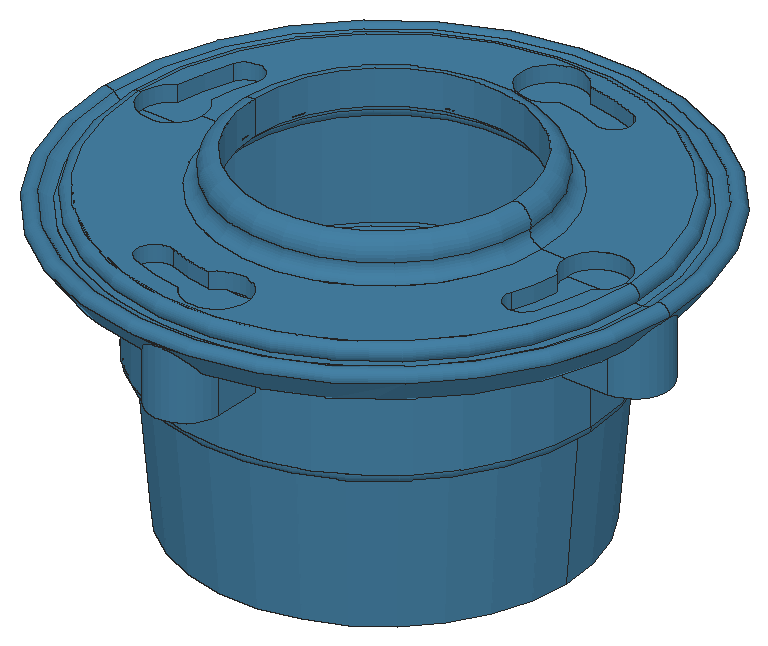
Revit family "Drain_Floor_Ligature_Resistant-Zurn-Z415LR", category Plumbing Fixtures, Revit 2022
Family settings
  Round Connector Dimension = Use Diameter
  Part Type = Normal
  OmniClass Number = 23.70.50.21.24.14
  OmniClass Title = Deck Waste Water Drains
  Work Plane-Based = No
  Always vertical = Yes
  Cut with Voids When Loaded = No
  Maintain Annotation Orientation = No
  Shared = No
  Room Calculation Point = No
Parameters (values of type "Default - please load Revit Family Type Catalog")
  z_radius_B [instance] = [z_(B) Diameter real] / 2  # 2.590"
  z_Strainer_Diameter = if([Strainer Diameter (B)] = 5.000", 5.000", 6.060")  # 5.000"
  z_Strainer Radius = z_Strainer_Diameter / 2  # 2.500"
  z_Slope Height = if([Strainer Diameter (B)] = 5.000", 0.310", if([Strainer Diameter (B)] = 6.000", 0.620", if([Strainer Diameter (B)] = 7.000", 0.880", 1.130")))  # 0.310"
  z_Radius Gird [instance] = ([z_(B) Diameter real] / 2) - 0.07874" * 3.8  # 2.29079"
  z_Outlet Size [instance] = if([Outlet Size (A)] < 5.000", [Outlet Size (A)], 3.000")  # 2.000"
  z_Number [instance] = if([Outlet Size (A)] < 6.000", 6, 8)  # 6
  z_Long Head [instance] = if([Strainer Diameter (B)] = 6.000", 2.280", if([Strainer Diameter (B)] = 5.000", 2.000", 2.630"))  # 2.000"
  z_Distance_Screw [instance] = if([Outlet Size (A)] < 6.000", 6.800", 8.800")  # 6.800"
  z_6 [instance] = [Outlet Size (A)] > 5.000"  # no
  z_2_3_4 [instance] = [Outlet Size (A)] < 5.000"  # yes
  z_1/2 Diameter B [instance] = [Strainer Diameter (B)] / 2  # 2.500"
  z_(B) Diameter real [instance] = if([Strainer Diameter (B)] = 5.000", 5.180", 6.380")  # 5.180"
  Weight = if([Strainer Diameter (B)] = 5.000", 11.00 lbf, 13.00 lbf)  # 11.00 lbf
  Waste Connection = yes
  WFU = 0
  Vent Connection = yes
  URL = "www.zurn.com"
  Type Comments = "Z415-2IC-5LR"
  Threaded = no
  Strainer Position (K') - Input [instance] = 1.100"
  Strainer Position (K') [instance] = if([Strainer Position (K') - Input] < Min. Strainer Position, Min. Strainer Position, if([Strainer Position (K') - Input] > Max. Strainer Position, Max. Strainer Position, [Strainer Position (K') - Input]))  # 1.100"
  Strainer Open Area = 1.90 in²  # constant formula
  Strainer Diameter (B) = 5.000"
  Product data url = "https://www.bimobject.com/en-us/zurnindustries/product/Z415-LR"
  Product Page URL = "https://www.zurn.com/products/drainage-interceptors/floor-drains/ligature-resistant-drains/z415-lr"
  Product Installation Sheet URL = ""
  Product Documentation Link = "https://files.zurn.com/spec-sheets/z415lr.pdf"
  Outlet Size (A) = 2"
  No-Hub = no
  Neo-Loc = no
  Modified Date = ""
  Model = "Z415LR"  # constant formula
  Min. Strainer Position [instance] = if([Strainer Diameter (B)] = 5.000", 1.090", if([Strainer Diameter (B)] = 6.000", 1.400", if([Strainer Diameter (B)] = 7.000", 1.700", if(and([Strainer Diameter (B)] = 8.000", [Outlet Size (A)] < 5.000"), 1.750", if(and([Strainer Diameter (B)] = 8.000", [Outlet Size (A)] > 5.000"), 1.750", 2.000")))))  # 1.090"
  Max. Strainer Position [instance] = if([Strainer Diameter (B)] = 5.000", 2.250", if([Strainer Diameter (B)] = 6.000", 2.530", if([Strainer Diameter (B)] = 7.000", 2.880", if(and([Strainer Diameter (B)] = 8.000", [Outlet Size (A)] < 5.000"), 2.880", if(and([Strainer Diameter (B)] = 8.000", [Outlet Size (A)] > 5.000"), 2.880", 3.250")))))  # 2.250"
  Material Main = Zurn - Cast Iron - Painted Blue
  Material Grate = Nickel Bronze - Zurn Industries LLC - Polished
  Manufacurer Brand = "Zurn"  # constant formula
  Manufacturer = "Zurn Water, LLC"  # constant formula
  Inside Caulk = yes
  HWFU = 0
  HW Connection = yes
  Description = "BODY ASSEMBLY W/ TYPE LR LIGATURE RESISTANT STRAINER"  # constant formula
  Default Elevation = 0.000"
  Date Created = "October 7th, 2025"  # constant formula
  CWFU = 0
  CW Connection = yes
  Body Height (E) [instance] = if(and([Outlet Size (A)] < 6.000", Inside Caulk), 4.190", if(and([Outlet Size (A)] = 2.000", Threaded), 2.440", if(and([Outlet Size (A)] = 3.000", Threaded), 2.750", if(and([Outlet Size (A)] = 4.000", Threaded), 2.810", if(and([Outlet Size (A)] = 6.000", Threaded), 2.880", if(and([Outlet Size (A)] < 6.000", [No-Hub]), 3.810", if(and([Outlet Size (A)] < 6.000", [Neo-Loc]), 3.880", 2.000")))))))  # 4.190"
  Assembly Code = "D2030300"
Reference planes (in)
  plane 1 "Center (Front/Back)": y = 0
  plane 2: z = 0
  plane 3 "Center (Left/Right)": x = 0
  plane 4: z = -1.1
  plane 5: z = -5.29
  plane 6: z = -2.225833
  plane 7: z = -1.5876951
  plane 8: x = -4.19
  plane 9: x = 4.19
  plane 10: y = 6.135
  plane 11: y = -6.135
  plane 12: x = -1
  plane 13: x = 1
  plane 14: z = -3.2250586
  plane 15: x = -3.0465631
  plane 16: x = 2.69
  plane 17: z = -1.2482657
  plane 18: z = -3.0939226
  plane 19: x = -2.59
  plane 20: x = 2.59
  plane 21: z = -2
  plane 22: x = -2.0033458
  plane 23: x = -1.9154761
  plane 24: x = -2.44
Forms (in)
  Extrusion 1, solid, material "Zurn - Cast Iron - Painted Blue" <- "Material Main", visible <- "z_2_3_4", detail levels fine
    sketch origin (1.394126, -0.0032058, 1.0270607) x (0.497884, 0.867244, 0) y (-0.867244, 0.497884, 0)
      loop
        arc (-2.6134038, 3.5743666) -> (-2.4164101, 3.7217493) -> (-2.2081665, 3.8527562) r 3.0465631
        arc (-2.2081665, 3.8527562) -> (-1.9900311, 3.966533) -> (-1.7634265, 4.0623376) r 3.0465631
        line (-1.7634265, 4.0623376) -> (-2.0998155, 4.6482802)
        arc (-2.0998155, 4.6482802) -> (-2.7687897, 4.8292833) -> (-2.9497928, 4.1603092) r 0.4900452
        line (-2.9497928, 4.1603092) -> (-2.6134038, 3.5743666)
    from -3.2528937 to -2.2753264
  Revolve 2, solid, material "Zurn - Cast Iron - Painted Blue" <- "Material Main", visible <- "z_2_3_4", detail levels fine
    sketch origin (0, 0, 0) x (1, 0, 0) y (0, 0, 1)
      loop
        line (-1, -5.29) -> (-1, -3.2875586) -> (-1.19, -3.2875586) -> (-2.6204454, -2.9750586) -> (-2.7138057, -2.9750586) -> (-2.7138057, -1.2250586) -> (-3.8154274, -1.2250586)
        arc (-3.8154274, -1.2250586) -> (-3.9128105, -1.2031706) -> (-3.9914614, -1.1417167) r 0.2275798
        arc (-3.9914614, -1.1417167) -> (-4.1345615, -1.1133189) -> (-4.19, -1.2482657) r 0.1148127
        line (-4.19, -1.2482657) -> (-3.9342216, -1.5876951) -> (-3.0465631, -1.5876951) -> (-3.0465631, -3.0939226)
        arc (-3.0465631, -3.0939226) -> (-3.0102943, -3.1845187) -> (-2.9215271, -3.2250586) r 0.1312848
        line (-2.9215271, -3.2250586) -> (-2.870659, -3.2250586) -> (-2.69, -5.29) -> (-1, -5.29)
      axis (0, -1.1417167) -> (0, -5.29)
    angle from 0 to 360
  Extrusion 3, solid, material "Zurn - Cast Iron - Painted Blue" <- "Material Main", visible <- "z_2_3_4", detail levels fine
    sketch origin (-1.394126, -0.0032058, 1.0270607) x (-0.497884, 0.867244, 0) y (-0.867244, -0.497884, 0)
      loop
        line (-2.6134038, -3.5743666) -> (-2.9497928, -4.1603092)
        arc (-2.9497928, -4.1603092) -> (-2.7687897, -4.8292833) -> (-2.0998155, -4.6482802) r 0.4900452
        line (-2.0998155, -4.6482802) -> (-1.7634265, -4.0623376)
        arc (-1.7634265, -4.0623376) -> (-1.9900311, -3.966533) -> (-2.2081665, -3.8527562) r 3.0465631
        arc (-2.2081665, -3.8527562) -> (-2.4164101, -3.7217493) -> (-2.6134038, -3.5743666) r 3.0465631
    from -3.2528937 to -2.2753264
  Extrusion 4, solid, material "Zurn - Cast Iron - Painted Blue" <- "Material Main", visible <- "z_2_3_4", detail levels fine
    sketch origin (-0.0032058, -1.394126, 1.0270607) x (0.867244, -0.497884, 0) y (0.497884, 0.867244, 0)
      loop
        arc (-2.6134038, 3.5743666) -> (-2.4164101, 3.7217493) -> (-2.2081665, 3.8527562) r 3.0465631
        arc (-2.2081665, 3.8527562) -> (-1.9900311, 3.966533) -> (-1.7634265, 4.0623376) r 3.0465631
        line (-1.7634265, 4.0623376) -> (-2.0998155, 4.6482802)
        arc (-2.0998155, 4.6482802) -> (-2.7687897, 4.8292833) -> (-2.9497928, 4.1603092) r 0.4900452
        line (-2.9497928, 4.1603092) -> (-2.6134038, 3.5743666)
    from -3.2528937 to -2.2753264
  Extrusion 5, solid, material "Zurn - Cast Iron - Painted Blue" <- "Material Main", visible <- "z_2_3_4", detail levels fine
    sketch origin (-0.0032058, 1.394126, 1.0270607) x (0.867244, 0.497884, 0) y (-0.497884, 0.867244, 0)
      loop
        line (-2.6134038, -3.5743666) -> (-2.9497928, -4.1603092)
        arc (-2.9497928, -4.1603092) -> (-2.7687897, -4.8292833) -> (-2.0998155, -4.6482802) r 0.4900452
        line (-2.0998155, -4.6482802) -> (-1.7634265, -4.0623376)
        arc (-1.7634265, -4.0623376) -> (-1.9900311, -3.966533) -> (-2.2081665, -3.8527562) r 3.0465631
        arc (-2.2081665, -3.8527562) -> (-2.4164101, -3.7217493) -> (-2.6134038, -3.5743666) r 3.0465631
    from -3.2528937 to -2.2753264
  Revolve 6, solid, material "Zurn - Cast Iron - Painted Blue" <- "Material Main", visible <- "z_6", detail levels fine
    sketch origin (0, 0, 0) x (1, 0, 0) y (0, 0, 1)
      loop
        line (-2.7138057, -1.2250586) -> (-3.8154274, -1.2250586)
        arc (-3.8154274, -1.2250586) -> (-3.9128105, -1.2031706) -> (-3.9914614, -1.1417167) r 0.2275798
        arc (-3.9914614, -1.1417167) -> (-4.1345615, -1.1133189) -> (-4.19, -1.2482657) r 0.1148127
        line (-4.19, -1.2482657) -> (-3.9342216, -1.5876951) -> (-3.7880955, -1.5876951) -> (-3.6657404, -3.9223706) -> (-3.2026657, -4.0040232) -> (-3.2026657, -2.8487275) -> (-3.118122, -2.8487275) -> (-3.0082889, -2.225833) -> (-2.7138057, -1.2250586)
      axis (0, -1.1417167) -> (0, -4.0040232)
    angle from 0 to 360
  Revolve 7, solid, material "Zurn - Cast Iron - Painted Blue" <- "Material Main", detail levels fine
    sketch origin (0, 0, 0) x (1, 0, 0) y (0, 0, 1)
      loop
        line (-3.6245715, -1.2507719) -> (-2.1937843, -1.2507719)
        arc (-2.1937843, -1.2507719) -> (-2.102679, -1.2142729) -> (-2.061974, -1.1249674) r 0.1319536
        arc (-2.061974, -1.1249674) -> (-2.0158374, -1.0305876) -> (-1.9154761, -0.9995431) r 0.1323649
        line (-1.9154761, -0.9995431) -> (-1.9154761, -0.4995431)
        arc (-1.9154761, -0.4995431) -> (-2.1046563, -0.5841673) -> (-2.154203, -0.7854023) r 0.2360925
        arc (-2.154203, -0.7854023) -> (-2.1894085, -0.9337729) -> (-2.3269859, -0.9995431) r 0.1767767
        line (-2.3269859, -0.9995431) -> (-3.6148112, -0.9995431)
        arc (-3.6148112, -0.9995431) -> (-3.7502807, -1.120084) -> (-3.6245715, -1.2507719) r 0.125804
      axis (0, -0.4995431) -> (0, -1.2507719)
    angle from 0 to 360
  Sweep 8, void
    path origin (0, 0, 0) x (1, 0, 0) y (0, 0, 1)
      loop
        line (-4.19, -0.7016046) -> (-4.19, -1.7016046)
    profile origin (-4.19, 0, -1.2016046) x (0, -1, 0) y (1, 0, 0)
      loop
        arc (3.330823, 3.8114275) -> (3.1342765, 4.6482721) -> (2.8053279, 3.8540855) r 0.4515651
        arc (2.8053279, 3.8540855) -> (2.7523323, 3.5144185) -> (2.6499766, 3.1862333) r 2.3320246
        arc (2.6499766, 3.1862333) -> (2.8239062, 2.8780921) -> (3.1410551, 3.0349966) r 0.2573008
        arc (3.1410551, 3.0349966) -> (3.2579904, 3.4178224) -> (3.330823, 3.8114275) r 3.5292177
      loop
        arc (0.4021767, 7.5518164) -> (-0.434668, 7.3552699) -> (0.3595186, 7.0263214) r 0.4515651
        arc (0.3595186, 7.0263214) -> (0.6991856, 6.9733258) -> (1.0273709, 6.8709701) r 2.3320246
        arc (1.0273709, 6.8709701) -> (1.335512, 7.0448996) -> (1.1786076, 7.3620485) r 0.2573008
        arc (1.1786076, 7.3620485) -> (0.7957817, 7.4789838) -> (0.4021767, 7.5518164) r 3.5292177
      loop
        arc (-3.330823, 4.5685725) -> (-3.1342765, 3.7317279) -> (-2.8053279, 4.5259145) r 0.4515651
        arc (-2.8053279, 4.5259145) -> (-2.7523323, 4.8655815) -> (-2.6499766, 5.1937667) r 2.3320246
        arc (-2.6499766, 5.1937667) -> (-2.8239062, 5.5019079) -> (-3.1410551, 5.3450034) r 0.2573008
        arc (-3.1410551, 5.3450034) -> (-3.2579904, 4.9621776) -> (-3.330823, 4.5685725) r 3.5292177
      loop
        arc (-0.4021767, 0.8281836) -> (0.434668, 1.0247301) -> (-0.3595186, 1.3536786) r 0.4515651
        arc (-0.3595186, 1.3536786) -> (-0.6991856, 1.4066742) -> (-1.0273709, 1.5090299) r 2.3320246
        arc (-1.0273709, 1.5090299) -> (-1.335512, 1.3351004) -> (-1.1786076, 1.0179515) r 0.2573008
        arc (-1.1786076, 1.0179515) -> (-0.7957817, 0.9010162) -> (-0.4021767, 0.8281836) r 3.5292177
  Revolve 9, solid, material "Nickel Bronze - Zurn Industries LLC - Polished" <- "Material Grate", not visible, detail levels fine
    sketch origin (0, 0, 0) x (1, 0, 0) y (0, 0, 1)
      loop
        line (2.2373358, -0.3125) -> (2.34245, -0.3125) -> (2.6212, -0.3125) -> (2.6212, -0.2812) -> (2.59, 0) -> (2.5, 0) -> (2.5, -0.125) -> (2.1602625, -0.125) -> (1.7784551, -0.5068074) -> (1.8712, -2) -> (2.02745, -2) -> (2.02745, -0.5) -> (2.1115198, -0.456236) -> (2.1861832, -0.456236) -> (2.1895119, -0.3609156) -> (2.21245, -0.3379775) -> (2.2373358, -0.3125)
      axis (0, 0) -> (0, -2)
    angle from 0 to 360
  Revolve 10, solid, material "Nickel Bronze - Zurn Industries LLC - Polished" <- "Material Grate", not visible, detail levels fine
    sketch origin (0, 0, 0) x (1, 0, 0) y (0, 0, 1)
      loop
        line (1.6510715, -0.125) -> (2.5, -0.125) -> (2.5, 0) -> (1.2516134, 0)
        arc (1.2516134, 0) -> (1.2298522, -0.0093494) -> (1.2216545, -0.0315701) r 0.03
        line (1.2216545, -0.0315701) -> (1.2347667, -0.4007633)
        arc (1.2347667, -0.4007633) -> (1.254621, -0.4221492) -> (1.2777057, -0.44) r 0.1778208
        line (1.2777057, -0.44) -> (1.3117636, -0.44) -> (1.4714398, -0.44)
        arc (1.4714398, -0.44) -> (1.5184394, -0.3953905) -> (1.5463344, -0.3369026) r 0.1778208
        line (1.5463344, -0.3369026) -> (1.5907011, -0.1713238)
        arc (1.5907011, -0.1713238) -> (1.6130239, -0.1379154) -> (1.6510715, -0.125) r 0.0625
      axis (0, 0) -> (0, -0.44)
    angle from 0 to 360
  Revolve 11, solid, material "Nickel Bronze - Zurn Industries LLC - Polished" <- "Material Grate", not visible, detail levels fine
    sketch origin (0, 0, 0) x (1, 0, 0) y (0, 0, 1)
      loop
        arc (-0.9128048, 0) -> (-0.9334555, -0.0082388) -> (-0.9427637, -0.0284299) r 0.03
        line (-0.9427637, -0.0284299) -> (-0.9631415, -0.4172611)
        arc (-0.9631415, -0.4172611) -> (-1.0591334, -0.6380273) -> (-1.2764151, -0.7416653) r 0.3437
        line (-1.2764151, -0.7416653) -> (-1.3977763, -0.752283)
        arc (-1.3977763, -0.752283) -> (-1.4381929, -0.7720863) -> (-1.4548258, -0.8139076) r 0.0625
        arc (-1.4548258, -0.8139076) -> (-1.4388374, -0.8618632) -> (-1.3926048, -0.8823061) r 0.0625
        line (-1.3926048, -0.8823061) -> (-1.3041559, -0.8823061)
        arc (-1.3041559, -0.8823061) -> (-0.9778618, -0.752128) -> (-0.8307852, -0.4330941) r 0.4740204
        line (-0.8307852, -0.4330941) -> (-0.8191162, -0.2104371)
        arc (-0.8191162, -0.2104371) -> (-0.8013748, -0.171953) -> (-0.7620149, -0.15625) r 0.0571796
        line (-0.7620149, -0.15625) -> (0, -0.15625) -> (0, 0) -> (-0.9128048, 0)
      axis (0, 0) -> (0, -0.8823061)
    angle from 0 to 360
Cuts and joins
  joined: Extrusion 1, Revolve 2, Extrusion 3, Extrusion 4, Extrusion 5
  Sweep 8 cuts Revolve 7
Lines and regions (in)
  Masking region 1, detail levels fine
    outline origin (0, 0, 0) x (1, 0, 0) y (0, 1, 0)
      loop
        circle (0, 0) r 4.19
  Masking region 2, detail levels fine
    outline origin (0, 0, 0) x (1, 0, 0) y (0, 1, 0)
      loop
        circle (0, 0) r 2.59
  model lines, detail levels coarse+medium
    curve 1: line (0, 0, 0) -> (0, 0, -5.29)
    curve 2: line (-1, 0, -5.29) -> (1, 0, -5.29)
  model lines, style "GenericModel", detail levels coarse+medium
    curve 3: circle (0, 0, 0) r 2.59 normal (0, 0, 1)
    curve 4: circle (0, 0, 0) r 2.1653543 normal (0, 0, 1)
    curve 5: line (0, 2.1653543, 0) -> (0, -2.1653543, 0)
    curve 6: line (-2.1653543, 0, 0) -> (2.1653543, 0, 0)
    curve 7: line (-1.1569295, 1.8303753, 0) -> (-1.1569295, -1.8303753, 0)
    curve 8: line (-1.8398931, 1.1417323, 0) -> (1.8398931, 1.1417323, 0)
    curve 9: line (-1.8398931, -1.1417323, 0) -> (1.8398931, -1.1417323, 0)
  symbolic lines, style "GenericModel", detail levels fine
    curve 10: circle (0, 0, 0) r 2.2907874 normal (0, 0, 1)
Dimensions and locks (in)
  "Body Height (E)": plane 4 to plane 5
  equal spacing: plane 8, plane 3 "Center (Left/Right)", plane 9
  locked: plane 8 to plane 9 at 8.38
  "Strainer Position (K')": level to plane 4
  equal spacing: plane 12, plane 3 "Center (Left/Right)", plane 13
  "z_Outlet Size": plane 12 to plane 13
  locked: plane 4 to plane 6 at 1.125833
  locked: plane 4 to plane 7 at 0.4876951
  locked: plane 6 to plane 14 at 0.9992256
  locked: plane 8 to plane 15 at 1.1434369
  locked: Revolve 2 sketch curve to plane 14 at 0.25
  locked: plane 4 to plane 17 at 0.1482657
  locked: plane 18 to plane 14 at 0.131136
  locked: Revolve 2 sketch curve to plane 15 at 0.3327574
  equal spacing: plane 19, plane 3 "Center (Left/Right)", plane 20
  "z_Long Head": level to plane 21
  locked: plane 19 to plane 22 at 0.5866542
  "z_(B) Diameter real": plane 19 to plane 20
  locked: plane 23 to plane 3 "Center (Left/Right)" at 1.9154761
  locked: Sweep 8 sketch curve to Sweep 8 sketch curve at 1
  plane 9 to plane 20 = 1.600"
  locked: plane 19 to plane 24 at 0.15
  locked: curve 7 to plane 3 "Center (Left/Right)" at 1.1569295
  curve 9 to plane 1 "Center (Front/Back)" to curve 8 = 1.14173" locked, 1.14173" locked
  locked: Revolve 9 sketch curve to Revolve 9 sketch curve at 0.1875
  locked: level to Revolve 9 sketch curve at 0.125
  locked: Revolve 9 sketch curve to plane 3 "Center (Left/Right)" at 2.1602625
  locked: curve 1 to Revolve 9 sketch curve at 1.7784551
  locked: level to Revolve 9 sketch curve at 0.5068074
  locked: level to Revolve 9 sketch curve at 0.456236
  locked: curve 1 to Revolve 9 sketch curve at 2.1861832
  locked: curve 1 to Revolve 9 sketch curve at 1.8712
  locked: Revolve 9 sketch curve to Revolve 9 sketch curve at 0.15625
  locked: level to Revolve 9 sketch curve at 0.5
  locked: Revolve 10 sketch curve to Revolve 10 sketch curve at 0.44
  "z_Strainer Radius": Revolve 10 sketch curve to plane 3 "Center (Left/Right)"
  locked: Revolve 10 sketch curve to Revolve 10 sketch curve at 1.2216545
  locked: Revolve 10 sketch curve to Revolve 10 sketch curve at 1.6510715
  "z_Strainer Radius": Revolve 9 sketch curve to plane 3 "Center (Left/Right)"
  locked: Revolve 9 to Revolve 11 sketch curve at 0.15625
  locked: Revolve 11 sketch curve to Revolve 11 sketch curve at 0.1330036
  locked: Revolve 9 to Revolve 11 sketch curve at 0.8823061
  locked: Revolve 11 sketch curve to curve 5 at 0.9399838
  radius of Revolve 2 sketch curve = 0.13128"
  "z_radius_B": radius of curve 3
  radius of Masking region 1 sketch curve = 4.190"
  "z_Radius Gird": radius of curve 10
  "z_radius_B": radius of Masking region 2 sketch curve
  radius of Revolve 11 sketch curve = 0.47402"
  radius of Revolve 11 sketch curve = 0.3437"
  aligned and locked: level to plane 2
  aligned and locked: curve 1 to plane 3 "Center (Left/Right)"
  aligned and locked: plane 5 to curve 1
  aligned and locked: level to curve 1
  aligned and locked: curve 2 to plane 5
  aligned and locked: plane 12 to curve 2
  aligned and locked: plane 13 to curve 2
  aligned and locked: plane 6 to Extrusion 1
  aligned and locked: Revolve 2 sketch curve to plane 12
  aligned and locked: plane 5 to Revolve 2 sketch curve
  aligned and locked: Revolve 2 sketch curve to plane 3 "Center (Left/Right)"
  aligned and locked: plane 17 to Extrusion 1
  aligned and locked: plane 17 to Extrusion 3
  aligned and locked: plane 6 to Extrusion 3
  aligned and locked: plane 6 to cut or joined group of Extrusion 1, Revolve 2, Extrusion 3, Extrusion 4, Extrusion 5  (x2)
  aligned and locked: plane 17 to cut or joined group of Extrusion 1, Revolve 2, Extrusion 3, Extrusion 4, Extrusion 5  (x2)
  aligned and locked: plane 18 to Revolve 2 sketch curve
  aligned and locked: plane 14 to Revolve 2 sketch curve
  aligned and locked: Revolve 2 sketch curve to plane 15
  aligned and locked: Revolve 7 sketch curve to plane 3 "Center (Left/Right)"
  aligned and locked: plane 23 to Revolve 7 sketch curve
  aligned and locked: plane 8 to Sweep 8 sketch curve
  aligned and locked: curve 5 to plane 3 "Center (Left/Right)"
  aligned and locked: plane 1 "Center (Front/Back)" to curve 6
  aligned and locked: level to Revolve 9 sketch curve
  aligned and locked: Revolve 9 sketch curve to plane 21
  aligned and locked: Revolve 9 sketch curve to plane 3 "Center (Left/Right)"
  aligned and locked: level to Revolve 10 sketch curve
  aligned and locked: Revolve 10 sketch curve to plane 3 "Center (Left/Right)"
  aligned and locked: Revolve 11 sketch curve to plane 3 "Center (Left/Right)"
  aligned and locked: level to Revolve 11 sketch curve
Automatic sketch dimensions
  Extrusion 1 sketch curve to Extrusion 1 sketch curve = 0.000"  (x2)
  plane 1 "Center (Front/Back)" to Extrusion 1 sketch curve = 0.000"  (x3)
  Extrusion 1 sketch curve to plane 15 = 0.000"
  Extrusion 1 sketch curve to plane 3 "Center (Left/Right)" = 0.000"
  Extrusion 1 sketch curve to Extrusion 1 sketch curve = 0.31664"
  Extrusion 1 sketch curve to Extrusion 1 sketch curve = 0.40524"
  Extrusion 1 sketch curve to Extrusion 1 sketch curve = 0.42499"  (x2)
  Extrusion 1 sketch curve to Extrusion 1 sketch curve = 0.44474"
  Extrusion 1 sketch curve to Extrusion 1 sketch curve = 0.24399"
  Extrusion 3 sketch curve to Extrusion 3 sketch curve = 0.000"  (x2)
  plane 1 "Center (Front/Back)" to Extrusion 3 sketch curve = 0.000"  (x3)
  Extrusion 3 sketch curve to plane 3 "Center (Left/Right)" = 0.000"
  Extrusion 3 sketch curve to Extrusion 3 sketch curve = 1.07209"
  Extrusion 3 sketch curve to Extrusion 3 sketch curve = 0.33639"
  Extrusion 3 sketch curve to Extrusion 3 sketch curve = 0.42499"  (x2)
  Extrusion 3 sketch curve to Extrusion 3 sketch curve = 0.0886"
  Extrusion 3 sketch curve to Extrusion 3 sketch curve = 0.24399"
  Extrusion 3 sketch curve to Extrusion 3 sketch curve = 0.58594"
  Extrusion 4 sketch curve to Extrusion 4 sketch curve = 0.000"  (x2)
  Extrusion 4 sketch curve to plane 3 "Center (Left/Right)" = 0.000"  (x3)
  plane 1 "Center (Front/Back)" to Extrusion 4 sketch curve = 0.000"
  Extrusion 4 sketch curve to Extrusion 4 sketch curve = 1.07209"
  Extrusion 4 sketch curve to Extrusion 4 sketch curve = 0.33639"
  Extrusion 4 sketch curve to Extrusion 4 sketch curve = 0.42499"  (x2)
  Extrusion 4 sketch curve to Extrusion 4 sketch curve = 0.0886"
  Extrusion 4 sketch curve to Extrusion 4 sketch curve = 0.82993"
  Extrusion 4 sketch curve to Extrusion 4 sketch curve = 0.24399"
  Extrusion 5 sketch curve to Extrusion 5 sketch curve = 0.000"  (x2)
  Extrusion 5 sketch curve to plane 3 "Center (Left/Right)" = 0.000"  (x3)
  plane 1 "Center (Front/Back)" to Extrusion 5 sketch curve = 0.000"
  Extrusion 5 sketch curve to Extrusion 5 sketch curve = 1.07209"
  Extrusion 5 sketch curve to Extrusion 5 sketch curve = 0.33639"
  Extrusion 5 sketch curve to Extrusion 5 sketch curve = 0.42499"  (x2)
  Extrusion 5 sketch curve to Extrusion 5 sketch curve = 0.0886"
  Extrusion 5 sketch curve to Extrusion 5 sketch curve = 0.24399"
  Extrusion 5 sketch curve to Extrusion 5 sketch curve = 0.58594"
  plane 8 to Revolve 2 sketch curve = 0.000"
  Revolve 2 sketch curve to plane 7 = 0.000"
  Revolve 2 sketch curve to plane 17 = 0.000"
  plane 17 to Revolve 2 sketch curve = 0.03378"
  Revolve 2 sketch curve to plane 8 = 0.10973"
  Revolve 2 sketch curve to plane 8 = 0.25578"
  plane 17 to Revolve 2 sketch curve = 0.02321"
  Revolve 2 sketch curve to Revolve 2 sketch curve = 0.26484"
  Revolve 2 sketch curve to Revolve 2 sketch curve = 0.05087"
  Revolve 2 sketch curve to plane 15 = 0.35656"
  Revolve 2 sketch curve to Revolve 2 sketch curve = 0.09336"
  Revolve 2 sketch curve to plane 14 = 0.0625"
  plane 12 to Revolve 2 sketch curve = 0.190"
  plane 4 to Revolve 2 sketch curve = 0.10252"
  Revolve 2 sketch curve to plane 5 = 0.31339"
  plane 4 to Revolve 2 sketch curve = 0.33461"
  plane 8 to Revolve 6 sketch curve = 0.000"
  Revolve 6 sketch curve to plane 7 = 0.000"
  Revolve 6 sketch curve to plane 6 = 0.000"
  Revolve 6 sketch curve to plane 3 "Center (Left/Right)" = 0.000"
  Revolve 6 sketch curve to plane 17 = 0.000"
  plane 17 to Revolve 6 sketch curve = 0.03378"
  Revolve 6 sketch curve to plane 8 = 0.10973"
  Revolve 6 sketch curve to plane 8 = 0.25578"
  plane 17 to Revolve 6 sketch curve = 0.02321"
  Revolve 6 sketch curve to Revolve 6 sketch curve = 0.26484"
  Revolve 6 sketch curve to Revolve 6 sketch curve = 0.14613"
  Revolve 6 sketch curve to plane 8 = 0.52426"
  plane 15 to Revolve 6 sketch curve = 0.1561"
  plane 15 to Revolve 6 sketch curve = 0.07156"
  Revolve 6 sketch curve to plane 15 = 0.03827"
  Revolve 6 sketch curve to plane 15 = 0.33276"
  Revolve 6 sketch curve to plane 18 = 0.2452"
  Revolve 6 sketch curve to plane 14 = 0.69731"
  Revolve 6 sketch curve to Revolve 6 sketch curve = 0.08165"
  plane 4 to Revolve 6 sketch curve = 0.10252"
  Revolve 6 sketch curve to plane 5 = 0.31339"
  plane 4 to Revolve 6 sketch curve = 0.33461"
  plane 4 to Revolve 7 sketch curve = 0.10046"  (x2)
  Revolve 7 sketch curve to Revolve 7 sketch curve = 0.00797"
  Revolve 7 sketch curve to plane 4 = 0.03114"
  Revolve 7 sketch curve to Revolve 7 sketch curve = 0.01428"
  Revolve 7 sketch curve to plane 17 = 0.00251"
  Revolve 7 sketch curve to Revolve 7 sketch curve = 0.26403"
  Revolve 7 sketch curve to Revolve 7 sketch curve = 0.1332"
  plane 15 to Revolve 7 sketch curve = 0.56825"
  Revolve 7 sketch curve to Revolve 7 sketch curve = 0.00976"
  Revolve 7 sketch curve to plane 4 = 0.01882"
  Revolve 7 sketch curve to Revolve 7 sketch curve = 0.17678"
  Revolve 7 sketch curve to Revolve 7 sketch curve = 0.26404"
  Revolve 7 sketch curve to Revolve 7 sketch curve = 0.23596"
  Revolve 7 sketch curve to plane 18 = 0.2452"
  level to Revolve 7 sketch curve = 0.620"
  plane 7 to Sweep 8 sketch curve = 0.11391"
  Sweep 8 sketch curve to plane 1 "Center (Front/Back)" = 3.09774"
  Sweep 8 sketch curve to Sweep 8 sketch curve = 0.1981"  (x4)
  Sweep 8 sketch curve to plane 1 "Center (Front/Back)" = 1.08961"
  Sweep 8 sketch curve to plane 1 "Center (Front/Back)" = 0.48095"
  Sweep 8 sketch curve to plane 1 "Center (Front/Back)" = 0.17083"
  Sweep 8 sketch curve to plane 1 "Center (Front/Back)" = 0.17031"
  Sweep 8 sketch curve to plane 1 "Center (Front/Back)" = 0.04213"
  Sweep 8 sketch curve to plane 1 "Center (Front/Back)" = 0.01542"
  plane 1 "Center (Front/Back)" to Sweep 8 sketch curve = 0.01542"
  plane 1 "Center (Front/Back)" to Sweep 8 sketch curve = 0.04213"
  plane 1 "Center (Front/Back)" to Sweep 8 sketch curve = 0.17031"
  plane 1 "Center (Front/Back)" to Sweep 8 sketch curve = 0.17083"
  Sweep 8 sketch curve to Sweep 8 sketch curve = 0.31063"
  plane 1 "Center (Front/Back)" to Sweep 8 sketch curve = 1.08961"
  Sweep 8 sketch curve to Sweep 8 sketch curve = 2.41869"  (x3)
  Sweep 8 sketch curve to profile plane = 1.06127"
  Sweep 8 sketch curve to profile plane = 3.124"
  Sweep 8 sketch curve to Sweep 8 sketch curve = 0.36472"
  Sweep 8 sketch curve to Sweep 8 sketch curve = 0.37262"  (x2)
  Sweep 8 sketch curve to Sweep 8 sketch curve = 0.07359"  (x2)
  Sweep 8 sketch curve to Sweep 8 sketch curve = 0.50376"
  Sweep 8 sketch curve to Sweep 8 sketch curve = 1.07419"  (x2)
  Sweep 8 sketch curve to Sweep 8 sketch curve = 0.20506"
  Sweep 8 sketch curve to Sweep 8 sketch curve = 0.08149"
  Sweep 8 sketch curve to Sweep 8 sketch curve = 0.24142"  (x2)
  Sweep 8 sketch curve to Sweep 8 sketch curve = 0.000"  (x3)
  Sweep 8 sketch curve to Sweep 8 sketch curve = 0.23308"
  Sweep 8 sketch curve to Sweep 8 sketch curve = 0.29241"  (x2)
  Sweep 8 sketch curve to Sweep 8 sketch curve = 0.089"  (x2)
  Sweep 8 sketch curve to Sweep 8 sketch curve = 0.06224"  (x2)
  Sweep 8 sketch curve to plane 1 "Center (Front/Back)" = 0.40218"
  plane 1 "Center (Front/Back)" to Sweep 8 sketch curve = 0.35952"
  plane 1 "Center (Front/Back)" to Sweep 8 sketch curve = 0.40218"
  Sweep 8 sketch curve to Sweep 8 sketch curve = 0.24966"
  plane 1 "Center (Front/Back)" to Masking region 1 sketch curve = 0.000"
  Masking region 1 sketch curve to plane 3 "Center (Left/Right)" = 0.000"
  Revolve 9 sketch curve to plane 20 = 0.000"
  Revolve 9 sketch curve to Revolve 9 sketch curve = 0.07466"
  Revolve 9 sketch curve to Revolve 9 sketch curve = 0.00333"
  Revolve 9 sketch curve to Revolve 9 sketch curve = 0.02294"  (x2)
  Revolve 9 sketch curve to Revolve 9 sketch curve = 0.02489"
  Revolve 9 sketch curve to Revolve 9 sketch curve = 0.10511"
  plane 20 to Revolve 9 sketch curve = 0.0312"
  Revolve 9 sketch curve to Revolve 9 sketch curve = 0.04842"
  Revolve 9 sketch curve to Revolve 9 sketch curve = 0.0313"
  plane 6 to Revolve 9 sketch curve = 0.41917"
  level to Revolve 9 sketch curve = 0.625"
  curve 3 to curve 4 = 0.000"  (x2)
  curve 4 to curve 10 = 0.000"  (x2)
  plane 1 "Center (Front/Back)" to curve 3 = 0.000"
  curve 3 to plane 3 "Center (Left/Right)" = 0.000"
  curve 8 to plane 23 = 0.07558"
  plane 1 "Center (Front/Back)" to Masking region 2 sketch curve = 0.000"
  Masking region 2 sketch curve to plane 3 "Center (Left/Right)" = 0.000"
  Revolve 10 sketch curve to Revolve 10 sketch curve = 0.000"  (x2)
  Revolve 10 sketch curve to Revolve 10 sketch curve = 0.02996"
  Revolve 10 sketch curve to Revolve 10 sketch curve = 0.04294"
  Revolve 10 sketch curve to Revolve 10 sketch curve = 0.03406"
  Revolve 10 sketch curve to Revolve 10 sketch curve = 0.06281"
  Revolve 10 sketch curve to Revolve 10 sketch curve = 0.15968"
  Revolve 10 sketch curve to level = 0.3369"
  Revolve 10 sketch curve to level = 0.17132"
  Revolve 10 sketch curve to Revolve 10 sketch curve = 0.01618"
  Revolve 10 sketch curve to level = 0.03157"
  plane 6 to Revolve 10 sketch curve = 0.32721"
  level to Revolve 10 sketch curve = 0.5978"
  Revolve 10 sketch curve to Revolve 10 sketch curve = 0.06037"
  Revolve 10 sketch curve to Revolve 10 sketch curve = 0.04437"
  Revolve 10 sketch curve to Revolve 10 sketch curve = 0.07489"
  Revolve 11 sketch curve to plane 3 "Center (Left/Right)" = 0.000"
  Revolve 11 sketch curve to level = 0.21044"
  Revolve 11 sketch curve to Revolve 11 sketch curve = 0.0571"
  Revolve 11 sketch curve to level = 0.030"
  Revolve 11 sketch curve to level = 0.41726"
  Revolve 11 sketch curve to Revolve 11 sketch curve = 0.02774"
  Revolve 11 sketch curve to Revolve 11 sketch curve = 0.08817"
  Revolve 11 sketch curve to Revolve 11 sketch curve = 0.00028"
  Revolve 11 sketch curve to level = 0.75228"
  Revolve 11 sketch curve to Revolve 11 sketch curve = 0.00526"
  plane 4 to Revolve 11 sketch curve = 0.19216"
  Revolve 11 sketch curve to Revolve 11 sketch curve = 0.34216"
Connectors (in)
  piping at (0, 0, -5.29), diameter 2, driven by "Outlet Size (A)"
    settings: on cut or joined group of Extrusion 1, Revolve 2, Extrusion 3, Extrusion 4, Extrusion 5, index 1, connector inside diameter 24", connector length 0.000", flow factor 0, pipe flow 0.0 L/s, pressure drop 0.0 Pa, fitting loss kfactor 0, connector angle 0.00°, fixture units 0, engagement length 0.000", angle of deflection 0.00°, flow configuration 0, flow direction 2, fitting loss method 0, system type 16, joint type 0, gender type 0, connector reference index -1, connector utility 0, adjustable connector no, is connector primary yes, connector description "Drain Outlet"
Types in the file's own list only (52): name | z_Strainer_Diameter | z_Strainer Radius | z_Slope Height | Weight | Type Comments | Threaded | Strainer Diameter (B) | Outlet Size (A) | No-Hub | Neo-Loc | Material Grate | Inside Caulk | Default Elevation
  Z415LR Cast Iron Body w/ 2" Inside Caulk - Outlet 5" Nickel Bronze Z400LR | 5.000 " | 2.500 " | 0.310 " | 11.00 lb | "Z415-2IC-5LR" | No | 5.000 " | 2 in | No | No | Nickel Bronze - Zurn Industries LLC - Polished | Yes | 0.000 "
  Z415LR Cast Iron Body w/ 2" Inside Caulk - Outlet 6" Nickel Bronze Z400LR | 6.060 " | 3.030 " | 0.620 " | 13.00 lb | "Z415-2IC-6LR" | No | 6.000 " | 2 in | No | No | Nickel Bronze - Zurn Industries LLC - Polished | Yes | 0.000 "
  Z415LR Cast Iron Body w/ 3" Inside Caulk - Outlet 5" Nickel Bronze Z400LR | 5.000 " | 2.500 " | 0.310 " | 11.00 lb | "Z415-3IC-5LR" | No | 5.000 " | 3 in | No | No | Nickel Bronze - Zurn Industries LLC - Polished | Yes | 0.000 "
  Z415LR Cast Iron Body w/ 3" Inside Caulk - Outlet 6" Nickel Bronze Z400LR | 6.060 " | 3.030 " | 0.620 " | 13.00 lb | "Z415-3IC-6LR" | No | 6.000 " | 3 in | No | No | Nickel Bronze - Zurn Industries LLC - Polished | Yes | 0.000 "
  Z415LR Cast Iron Body w/ 4" Inside Caulk - Outlet 5" Nickel Bronze Z400LR | 5.000 " | 2.500 " | 0.310 " | 11.00 lb | "Z415-4IC-5LR" | No | 5.000 " | 4 in | No | No | Nickel Bronze - Zurn Industries LLC - Polished | Yes | 0.000 "
  Z415LR Cast Iron Body w/ 4" Inside Caulk - Outlet 6" Nickel Bronze Z400LR | 6.060 " | 3.030 " | 0.620 " | 13.00 lb | "Z415-4IC-6LR" | No | 6.000 " | 4 in | No | No | Nickel Bronze - Zurn Industries LLC - Polished | Yes | 0.000 "
  Z415LR Cast Iron Body w/ 2" Threaded Outlet - Outlet 5" Nickel Bronze Z400LR | 5.000 " | 2.500 " | 0.310 " | 11.00 lb | "Z415-2IP-5LR" | Yes | 5.000 " | 2 in | No | No | Nickel Bronze - Zurn Industries LLC - Polished | No | 0.000 "
  Z415LR Cast Iron Body w/ 2" Threaded Outlet - Outlet 6" Nickel Bronze Z400LR | 6.060 " | 3.030 " | 0.620 " | 13.00 lb | "Z415-2IP-6LR" | Yes | 6.000 " | 2 in | No | No | Nickel Bronze - Zurn Industries LLC - Polished | No | 0.000 "
  Z415LR Cast Iron Body w/ 3" Threaded Outlet - Outlet 5" Nickel Bronze Z400LR | 5.000 " | 2.500 " | 0.310 " | 11.00 lb | "Z415-3IP-5LR" | Yes | 5.000 " | 3 in | No | No | Nickel Bronze - Zurn Industries LLC - Polished | No | 0.000 "
  Z415LR Cast Iron Body w/ 3" Threaded Outlet - Outlet 6" Nickel Bronze Z400LR | 6.060 " | 3.030 " | 0.620 " | 13.00 lb | "Z415-3IP-6LR" | Yes | 6.000 " | 3 in | No | No | Nickel Bronze - Zurn Industries LLC - Polished | No | 0.000 "
  Z415LR Cast Iron Body w/ 4" Threaded Outlet - Outlet 5" Nickel Bronze Z400LR | 5.000 " | 2.500 " | 0.310 " | 11.00 lb | "Z415-4IP-5LR" | Yes | 5.000 " | 4 in | No | No | Nickel Bronze - Zurn Industries LLC - Polished | No | 0.000 "
  Z415LR Cast Iron Body w/ 4" Threaded Outlet - Outlet 6" Nickel Bronze Z400LR | 6.060 " | 3.030 " | 0.620 " | 13.00 lb | "Z415-4IP-5LR" | Yes | 6.000 " | 4 in | No | No | Nickel Bronze - Zurn Industries LLC - Polished | No | 0.000 "
  Z415LR Cast Iron Body w/ 6" Threaded Outlet - Outlet 5" Nickel Bronze Z400LR | 5.000 " | 2.500 " | 0.310 " | 11.00 lb | "Z415-6IP-6LR" | Yes | 5.000 " | 6 in | No | No | Nickel Bronze - Zurn Industries LLC - Polished | No | 0.000 "
  Z415LR Cast Iron Body w/ 6" Threaded Outlet - Outlet 6" Nickel Bronze Z400LR | 6.060 " | 3.030 " | 0.620 " | 13.00 lb | "Z415-6IP-6LR" | Yes | 6.000 " | 6 in | No | No | Nickel Bronze - Zurn Industries LLC - Polished | No | 0.000 "
  Z415LR Cast Iron Body w/ 2" No-Hub Outlet - Outlet 5" Nickel Bronze Z400LR | 5.000 " | 2.500 " | 0.310 " | 11.00 lb | "Z415-2NH-5LR" | No | 5.000 " | 2 in | Yes | No | Nickel Bronze - Zurn Industries LLC - Polished | No | 0.000 "
  Z415LR Cast Iron Body w/ 2" No-Hub Outlet - Outlet 6" Nickel Bronze Z400LR | 6.060 " | 3.030 " | 0.620 " | 13.00 lb | "Z415-2NH-6LR" | No | 6.000 " | 2 in | Yes | No | Nickel Bronze - Zurn Industries LLC - Polished | No | 0.000 "
  Z415LR Cast Iron Body w/ 3" No-Hub Outlet - Outlet 5" Nickel Bronze Z400LR | 5.000 " | 2.500 " | 0.310 " | 11.00 lb | "Z415-3NH-5LR" | No | 5.000 " | 3 in | Yes | No | Nickel Bronze - Zurn Industries LLC - Polished | No | 0.000 "
  Z415LR Cast Iron Body w/ 3" No-Hub Outlet - Outlet 6" Nickel Bronze Z400LR | 6.060 " | 3.030 " | 0.620 " | 13.00 lb | "Z415-3NH-6LR" | No | 6.000 " | 3 in | Yes | No | Nickel Bronze - Zurn Industries LLC - Polished | No | 0.000 "
  Z415LR Cast Iron Body w/ 4" No-Hub Outlet - Outlet 5" Nickel Bronze Z400LR | 5.000 " | 2.500 " | 0.310 " | 11.00 lb | "Z415-4NH-5LR" | No | 5.000 " | 4 in | Yes | No | Nickel Bronze - Zurn Industries LLC - Polished | No | 0.000 "
  Z415LR Cast Iron Body w/ 4" No-Hub Outlet - Outlet 6" Nickel Bronze Z400LR | 6.060 " | 3.030 " | 0.620 " | 13.00 lb | "Z415-4NH-6LR" | No | 6.000 " | 4 in | Yes | No | Nickel Bronze - Zurn Industries LLC - Polished | No | 0.000 "
  Z415LR Cast Iron Body w/ 2" Neo-Loc Outlet - Outlet 5" Nickel Bronze Z400LR | 5.000 " | 2.500 " | 0.310 " | 11.00 lb | "Z415-2NL-5LR" | No | 5.000 " | 2 in | No | Yes | Nickel Bronze - Zurn Industries LLC - Polished | No | 0.000 "
  Z415LR Cast Iron Body w/ 2" Neo-Loc Outlet - Outlet 6" Nickel Bronze Z400LR | 6.060 " | 3.030 " | 0.620 " | 13.00 lb | "Z415-2NL-6LR" | No | 6.000 " | 2 in | No | Yes | Nickel Bronze - Zurn Industries LLC - Polished | No | 0.000 "
  Z415LR Cast Iron Body w/ 3" Neo-Loc Outlet - Outlet 5" Nickel Bronze Z400LR | 5.000 " | 2.500 " | 0.310 " | 11.00 lb | "Z415-3NL-5LR" | No | 5.000 " | 3 in | No | Yes | Nickel Bronze - Zurn Industries LLC - Polished | No | 0.000 "
  Z415LR Cast Iron Body w/ 3" Neo-Loc Outlet - Outlet 6" Nickel Bronze Z400LR | 6.060 " | 3.030 " | 0.620 " | 13.00 lb | "Z415-3NL-6LR" | No | 6.000 " | 3 in | No | Yes | Nickel Bronze - Zurn Industries LLC - Polished | No | 0.000 "
  Z415LR Cast Iron Body w/ 4" Neo-Loc Outlet - Outlet 5" Nickel Bronze Z400LR | 5.000 " | 2.500 " | 0.310 " | 11.00 lb | "Z415-4NL-5LR" | No | 5.000 " | 4 in | No | Yes | Nickel Bronze - Zurn Industries LLC - Polished | No | 0.000 "
  Z415LR Cast Iron Body w/ 4" Neo-Loc Outlet - Outlet 6" Nickel Bronze Z400LR | 6.060 " | 3.030 " | 0.620 " | 13.00 lb | "Z415-4NL-6LR" | No | 6.000 " | 4 in | No | Yes | Nickel Bronze - Zurn Industries LLC - Polished | No | 0.000 "
  Z415LR Cast Iron Body w/ 2" Inside Caulk - Outlet 5" Stainless Steel Z400LR | 5.000 " | 2.500 " | 0.310 " | 11.00 lb | "Z415-2IC-5LR" | No | 5.000 " | 2 in | No | No | Steel - Zurn Industries - Stainless | Yes | 0.000 "
  Z415LR Cast Iron Body w/ 2" Inside Caulk - Outlet 6" Stainless Steel Z400LR | 6.060 " | 3.030 " | 0.620 " | 13.00 lb | "Z415-2IC-6LR" | No | 6.000 " | 2 in | No | No | Steel - Zurn Industries - Stainless | Yes | 0.000 "
  Z415LR Cast Iron Body w/ 3" Inside Caulk - Outlet 5" Stainless Steel Z400LR | 5.000 " | 2.500 " | 0.310 " | 11.00 lb | "Z415-3IC-5LR" | No | 5.000 " | 3 in | No | No | Steel - Zurn Industries - Stainless | Yes | 0.000 "
  Z415LR Cast Iron Body w/ 3" Inside Caulk - Outlet 6" Stainless Steel Z400LR | 6.060 " | 3.030 " | 0.620 " | 13.00 lb | "Z415-3IC-6LR" | No | 6.000 " | 3 in | No | No | Steel - Zurn Industries - Stainless | Yes | 0.000 "
  Z415LR Cast Iron Body w/ 4" Inside Caulk - Outlet 5" Stainless Steel Z400LR | 5.000 " | 2.500 " | 0.310 " | 11.00 lb | "Z415-4IC-5LR" | No | 5.000 " | 4 in | No | No | Steel - Zurn Industries - Stainless | Yes | 0.000 "
  Z415LR Cast Iron Body w/ 4" Inside Caulk - Outlet 6" Stainless Steel Z400LR | 6.060 " | 3.030 " | 0.620 " | 13.00 lb | "Z415-4IC-6LR" | No | 6.000 " | 4 in | No | No | Steel - Zurn Industries - Stainless | Yes | 0.000 "
  Z415LR Cast Iron Body w/ 2" Threaded Outlet - Outlet 5" Stainless Steel Z400LR | 5.000 " | 2.500 " | 0.310 " | 11.00 lb | "Z415-2IP-5LR" | Yes | 5.000 " | 2 in | No | No | Steel - Zurn Industries - Stainless | No | 0.000 "
  Z415LR Cast Iron Body w/ 2" Threaded Outlet - Outlet 6" Stainless Steel Z400LR | 6.060 " | 3.030 " | 0.620 " | 13.00 lb | "Z415-2IP-6LR" | Yes | 6.000 " | 2 in | No | No | Steel - Zurn Industries - Stainless | No | 0.000 "
  Z415LR Cast Iron Body w/ 3" Threaded Outlet - Outlet 5" Stainless Steel Z400LR | 5.000 " | 2.500 " | 0.310 " | 11.00 lb | "Z415-3IP-5LR" | Yes | 5.000 " | 3 in | No | No | Steel - Zurn Industries - Stainless | No | 0.000 "
  Z415LR Cast Iron Body w/ 3" Threaded Outlet - Outlet 6" Stainless Steel Z400LR | 6.060 " | 3.030 " | 0.620 " | 13.00 lb | "Z415-3IP-6LR" | Yes | 6.000 " | 3 in | No | No | Steel - Zurn Industries - Stainless | No | 0.000 "
  Z415LR Cast Iron Body w/ 4" Threaded Outlet - Outlet 5" Stainless Steel Z400LR | 5.000 " | 2.500 " | 0.310 " | 11.00 lb | "Z415-4IP-5LR" | Yes | 5.000 " | 4 in | No | No | Steel - Zurn Industries - Stainless | No | 0.000 "
  Z415LR Cast Iron Body w/ 4" Threaded Outlet - Outlet 6" Stainless Steel Z400LR | 6.060 " | 3.030 " | 0.620 " | 13.00 lb | "Z415-4IP-6LR" | Yes | 6.000 " | 4 in | No | No | Steel - Zurn Industries - Stainless | No | 0.000 "
  Z415LR Cast Iron Body w/ 6" Threaded Outlet - Outlet 5" Stainless Steel Z400LR | 5.000 " | 2.500 " | 0.310 " | 11.00 lb | "Z415-6IP-5LR" | Yes | 5.000 " | 6 in | No | No | Steel - Zurn Industries - Stainless | No | 0.000 "
  Z415LR Cast Iron Body w/ 6" Threaded Outlet - Outlet 6" Stainless Steel Z400LR | 6.060 " | 3.030 " | 0.620 " | 13.00 lb | "Z415-6IP-6LR" | Yes | 6.000 " | 6 in | No | No | Steel - Zurn Industries - Stainless | No | 0.000 "
  Z415LR Cast Iron Body w/ 2" No-Hub Outlet - Outlet 5" Stainless Steel Z400LR | 5.000 " | 2.500 " | 0.310 " | 11.00 lb | "Z415-2NH-5LR" | No | 5.000 " | 2 in | Yes | No | Steel - Zurn Industries - Stainless | No | 0.000 "
  Z415LR Cast Iron Body w/ 2" No-Hub Outlet - Outlet 6" Stainless Steel Z400LR | 6.060 " | 3.030 " | 0.620 " | 13.00 lb | "Z415-2NH-6LR" | No | 6.000 " | 2 in | Yes | No | Steel - Zurn Industries - Stainless | No | 0.000 "
  Z415LR Cast Iron Body w/ 3" No-Hub Outlet - Outlet 5" Stainless Steel Z400LR | 5.000 " | 2.500 " | 0.310 " | 11.00 lb | "Z415-3NH-5LR" | No | 5.000 " | 3 in | Yes | No | Steel - Zurn Industries - Stainless | No | 0.000 "
  Z415LR Cast Iron Body w/ 3" No-Hub Outlet - Outlet 6" Stainless Steel Z400LR | 6.060 " | 3.030 " | 0.620 " | 13.00 lb | "Z415-3NH-6LR" | No | 6.000 " | 3 in | Yes | No | Steel - Zurn Industries - Stainless | No | 0.000 "
  Z415LR Cast Iron Body w/ 4" No-Hub Outlet - Outlet 5" Stainless Steel Z400LR | 5.000 " | 2.500 " | 0.310 " | 11.00 lb | "Z415-4NH-5LR" | No | 5.000 " | 4 in | Yes | No | Steel - Zurn Industries - Stainless | No | 0.000 "
  Z415LR Cast Iron Body w/ 4" No-Hub Outlet - Outlet 6" Stainless Steel Z400LR | 6.060 " | 3.030 " | 0.620 " | 13.00 lb | "Z415-4NH-6LR" | No | 6.000 " | 4 in | Yes | No | Steel - Zurn Industries - Stainless | No | 0.000 "
  Z415LR Cast Iron Body w/ 2" Neo-Loc Outlet - Outlet 5" Stainless Steel Z400LR | 5.000 " | 2.500 " | 0.310 " | 11.00 lb | "Z415-2NL-5LR" | No | 5.000 " | 2 in | No | Yes | Steel - Zurn Industries - Stainless | No | 0.000 "
  Z415LR Cast Iron Body w/ 2" Neo-Loc Outlet - Outlet 6" Stainless Steel Z400LR | 6.060 " | 3.030 " | 0.620 " | 13.00 lb | "Z415-2NL-6LR" | No | 6.000 " | 2 in | No | Yes | Steel - Zurn Industries - Stainless | No | 0.000 "
  Z415LR Cast Iron Body w/ 3" Neo-Loc Outlet - Outlet 5" Stainless Steel Z400LR | 5.000 " | 2.500 " | 0.310 " | 11.00 lb | "Z415-3NL-5LR" | No | 5.000 " | 3 in | No | Yes | Steel - Zurn Industries - Stainless | No | 0.000 "
  Z415LR Cast Iron Body w/ 3" Neo-Loc Outlet - Outlet 6" Stainless Steel Z400LR | 6.060 " | 3.030 " | 0.620 " | 13.00 lb | "Z415-3NL-6LR" | No | 6.000 " | 3 in | No | Yes | Steel - Zurn Industries - Stainless | No | 0.000 "
  Z415LR Cast Iron Body w/ 4" Neo-Loc Outlet - Outlet 5" Stainless Steel Z400LR | 5.000 " | 2.500 " | 0.310 " | 11.00 lb | "Z415-4NL-5LR" | No | 5.000 " | 4 in | No | Yes | Steel - Zurn Industries - Stainless | No | 0.000 "
  Z415LR Cast Iron Body w/ 4" Neo-Loc Outlet - Outlet 6" Stainless Steel Z400LR | 6.060 " | 3.030 " | 0.620 " | 13.00 lb | "Z415-4NL-6LR" | No | 6.000 " | 4 in | No | Yes | Steel - Zurn Industries - Stainless | No | 0.000 "
